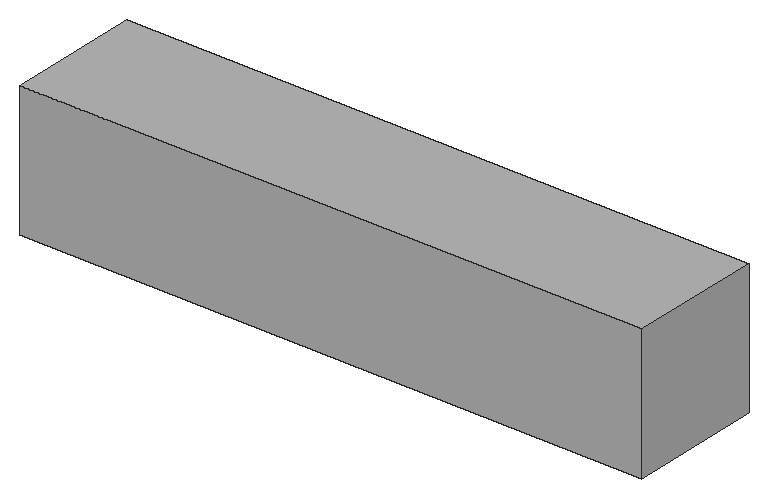
Revit family "215W x 215H R.C. Beam", category Generic Models, Revit 2020
Family settings
  Can host rebar = No
  Round Connector Dimension = Use Diameter
  Part Type = Normal
  Work Plane-Based = No
  Always vertical = Yes
  Cut with Voids When Loaded = No
  Shared = No
  Room Calculation Point = No
Parameters
  Weight = "111Kg/m"
  Warranty Guarantor Parts = "n/a"
  Warranty Guarantor Labour = "n/a"
  Warranty Duration Unit = "n/a"
  Warranty Duration Parts = "n/a"
  Warranty Duration Labour = "n/a"
  Warranty Description = "n/a"
  URL = "www.killeshal.com"
  Types = "Single"
  Type Comments = "Visit our website for a full list of available products."
  Sustainability Performance = "n/a"
  Structural Class = "n/a"
  Span = "Beam Length"
  Slope = "0.00°"
  Size = "215mm x 215mm"
  Shape = "Square"
  Service Life = "0.000000"
  Serial Number = "n/a"
  Resistance to Fire = "Method 3. Design specification."
  Replacement Cost = "n/a"
  Reference = "n/a"
  Notified Body = "National Standards Authority of Ireland (NSAI)"
  Nominal Cover to Main Bar = "40mm"
  Model = "L/288 Concrete Beam"
  Mechanical Resistance = "Method 3. Design specification."
  Manufacturer = "Killeshal Precast Concrete Ltd."
  Load Bearing = yes
  Life Cycle Environmental Load = "n/a"
  Length Options = "Stock sizes 1000mm up to 3500mm. Longer options available on request."
  Keynote = "The information contained is the sole property of KPC Ltd., any reproduction in part or whole without permission of KPC Ltd. is prohibited."
  Environmental Product Declaration = "n/a"
  Environmental Class = "n/a"
  Durability against Corrosion = "Design specification and critical dimensions as per product drawings."
  Dimension Accuracy Class = "I.S. EN 13225:2013"
  Detailing = "As per design specification and product drawings."
  Description = "215W x 215H R.C. Beam"
  Default Elevation = 0 mm
  Dangerous Substances = "No Exposure"
  Contact Tel = "0035357 9353018"
  Contact Email = "sales@killeshal.com"
  Construction Type = "Precast"
  Construction Tolerance Class = "I.S. EN 13225:2013"
  Compressive Strength of Concrete = "40N/mm²"
  Characteristics of Reinforcing Steel = "Ultimate Tensile Strength (UTS) 650Mpa. Tensile Yield Strength: 500Mpa."
  Characteristics Deflection Under Load = "Dependant on Length"
  Beam Width [instance] = 215 mm
  Beam Length [instance] = 1000 mm
  Beam Height [instance] = 215 mm
Reference planes
  plane 1 "Center (Front/Back)": y = 0
  plane 2: z = 0
  plane 3 "Center (Left/Right)": x = 0
  plane 4 "Rear": y = 107.5
  plane 5 "Front": y = -107.5
  plane 6 "Top": z = 215
Forms (mm)
  Extrusion 1, solid, material "Precast Concrete (KPC)"
    sketch origin (0, 0, 0) x (0, 1, 0) y (0, 0, 1)
      loop
        line (107.5, 0) -> (107.5, 215) -> (-107.5, 215) -> (-107.5, 0) -> (107.5, 0)
    from 0 to 1000
Dimensions and locks
  "Beam Width": Extrusion 1 to Extrusion 1
  "Beam Height": Extrusion 1 to Extrusion 1
  "Beam Length": Extrusion 1 to Extrusion 1
  aligned and locked: level to plane 2
Automatic sketch dimensions
  Extrusion 1 sketch curve to level = 0 mm
  Extrusion 1 sketch curve to plane 5 "Front" = 0 mm
  Extrusion 1 sketch curve to plane 4 "Rear" = 0 mm
  Extrusion 1 sketch curve to plane 6 "Top" = 0 mm
